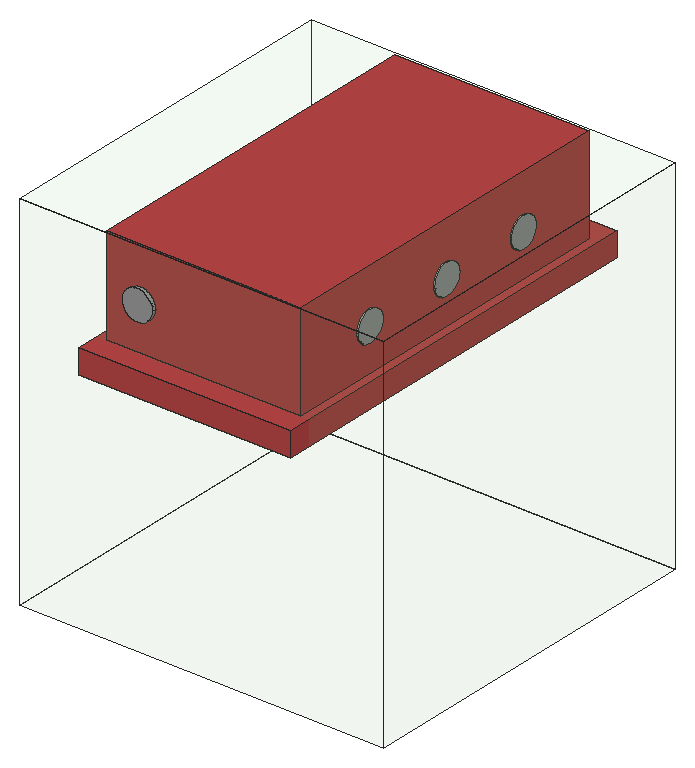
Revit family "ZETA_Коробка_Клемная_ККМА-20_IP54", category Электрические приборы, Revit 2021
Family settings
  Сохранять ориентацию аннотаций = Нет
  Размер круглого соединителя = Использовать диаметр
  Тип детали = Нормальный
  На основе рабочей плоскости = Да
  Всегда вертикально = Нет
  При загрузке вырезать с полостями = Нет
  Общий = Нет
  Точка принадлежности помещению = Да
Parameters (values of type "ККМА-20_IP54")
  УГО_Ширина = 10 mm
  УГО_Смещение_Х [instance] = 0 mm
  УГО_Смещение_Y [instance] = 0 mm
  УГО_Высота = 5 mm
  Температура эксплуатации = "от -40°С до +60°С"
  Сечение жил до = "4мм2"
  Сертификат = "RU C-RU.АД84.В.00192/20"
  Потолочное размещение [instance] = yes
  Default Elevation = 1219.2 mm
  Описание = "Коробки клеммные ККМА с наборными зажимами предназначены для\r\nсоединения и разветвления вторичных и силовых электрических цепей,\r\nвыполняемых контрольными кабелями с числом жил до 52 и силовыми кабелями с\r\nалюминиевыми или медными жилами сечением 1,5—4 мм2, проложенные в\r\nметаллических жестких трубах в трубных системах прокладки кабелей."
  Номинальный ток = "до 25A"
  Напряжение постоянного тока = "440 В"
  Напряжение переменного тока = "660 В"
  Крышка_Ширина = 160 mm
  Крышка_Длина = 190 mm
  Климатическое исполнение = "У2"
  Изготовитель = "АО «ЗЭТА»"  # constant formula
  Изготавливается по = "ТУ 27.33.13.120-047-99856433-2020"
  URL = "https://nzeta.ru/"
  D3 = 20 mm
  D2 = 32 mm
  D1 = 25 mm
  В_УГО_Смещение_У [instance] = УГО_Смещение_Y + 2000 mm  # 2000 mm
  В_УГО_Смещение_X [instance] = УГО_Смещение_Х + 2000 mm  # 2000 mm
  ADSK_Ток = 0 A
  ADSK_Степень защиты_IP = "IP54"
  ADSK_Размер_Ширина = 175 mm
  ADSK_Размер_УголПоворота [instance] = if(Потолочное размещение, -90.00°, 180.00°)  # -90.00°
  ADSK_Размер_Длина = 336 mm
  ADSK_Размер_Высота = 100 mm
  ADSK_Примечание [instance] = ""
  ADSK_Полная мощность = 0 VA
  ADSK_Позиция [instance] = ""
  ADSK_Обозначение = "KK"
  ADSK_Номинальная мощность = 0 W
  ADSK_Номер стояка = ""
  ADSK_Номер линии = 0
  ADSK_Напряжение = 230 V
  ADSK_Наименование краткое = "ККМА-20"
  ADSK_Наименование = "Коробка клеммная ККМА-20 У2 IP54 ГОФРОМАТИК"
  ADSK_Материал наименование = "Сталь оцинкованная"
  ADSK_Масса_Текст = "2,75"
  ADSK_Масса = 2.75
  ADSK_Марка = "КК ККМА-20 У2 IP54"
  ADSK_Коэффициент мощности = 1
  ADSK_Количество фаз числовое = 1
  ADSK_Количество фаз = 1
  ADSK_Количество = 1
  ADSK_Код изделия = "zeta30373"
  ADSK_Классификация нагрузок = Прочее
  ADSK_Завод-изготовитель = "АО «ЗЭТА»"  # constant formula
  ADSK_Единица измерения = "шт"  # constant formula
  ADSK_Версия семейства = "v.1"  # constant formula
  ADSK_Версия Revit = "2021"
  ADSK_URL страницы изделия = "https://nzeta.ru/catalog/?q=zeta30373"
  ADSK_URL документации изделия = "https://nzeta.ru/upload/uf/079/ikchmqfq9gparj6qku1dhwpc7mintuhj/passport.pdf"
Reference planes
  plane 1 "По центру (Вперед/Назад)": y = 0
  plane 2: z = 0
  plane 3 "По центру (Влево/Вправо)": x = 0
  plane 4: x = -2000
  plane 5: y = -2000
  plane 6: x = 0
  plane 7: y = 0
Lines and regions (mm)
  reference lines
    curve 1: line (0, 0, 0) -> (0, -180, 0)
    curve 2: line (0, 0, 0) -> (0, 0, -140)
Dimensions and locks
  "В_УГО_Смещение_X": plane 4 to plane 6
  "В_УГО_Смещение_У": plane 7 to plane 5
  angle curve 2 to curve 1 = 90.00°
  "ADSK_Размер_УголПоворота": angle plane 1 "По центру (Вперед/Назад)" to curve 1
  aligned and locked: level to plane 2
  aligned and locked: plane 6 to nested 1
  aligned and locked: nested 1 to plane 7
  aligned and locked: plane 2 to curve 2
  aligned and locked: plane 1 "По центру (Вперед/Назад)" to curve 1
  aligned and locked: nested 2 to curve 2
Nested families
  nested 1: "УГО_Клеменная_Коробка_(GenAnn)" at (0, 0, 0), УГО_Высота <- "УГО_Высота", УГО_Длина <- "УГО_Ширина", ADSK_Обозначение <- "ADSK_Обозначение", ADSK_Степень защиты_IP <- "ADSK_Степень защиты_IP", type "УГО_Клеменная_Коробка_(GenAnn)", detail levels coarse+medium
    with УГО_Длина 10 mm, УГО_Высота 5 mm, ADSK_Степень защиты_IP "IP54", ADSK_Обозначение "KK"
  nested 2: "ZETA_Коробка_Клемная_ККМА-20_Геометрия" at (0, 0, 0) x (0, -1, 0) z (0, 0, -1), type "ККМА-20", detail levels medium+fine
  nested 3: "Zeta_Зона обслуживания" at (0, 0, 0) x (-1, 0, 0) z (0, -1, 0), type "Зона обслуживания_Куб", detail levels medium+fine
    with Зона обслуживания_Ширина 300 mm, Зона обслуживания_Длина 300 mm, Зона обслуживания_Высота 300 mm
Connectors
  cabletrayconduit at (-81.999, 78.893, -43.588), diameter 32, driven by "D2"
    settings: on nested 2, index 2, connector width 300 mm, connector height 300 mm, connector angle 0.00°, system type 32, placement type 0, profile type 0, connector reference index -1, is primary connector yes, connector utility param no, connector description ""
  cabletrayconduit at (-81.999, -78.893, -43.588), diameter 32, driven by "D2"
    settings: on nested 2, index 4, connector width 300 mm, connector height 300 mm, connector angle 0.00°, system type 32, placement type 0, profile type 0, connector reference index -1, is primary connector no, connector utility param no, connector description ""
  electrical at (0, 0, 0), driven by "ADSK_Количество фаз", driven by "ADSK_Классификация нагрузок", driven by "ADSK_Напряжение", driven by "ADSK_Полная мощность", driven by "ADSK_Коэффициент мощности"
    settings: on nested 2, index 5, voltage 230 V, apparent load 0 VA, apparent load phase1 0 VA, apparent load phase2 0 VA, apparent load phase3 0 VA, power factor 1, load classification "Прочее", number of poles 1, system type 30, power factor state 1, is connector primary yes, connector utility no, sub classification motor no, connector description ""
  cabletrayconduit at (81.928, 79.057, -43.588), diameter 25, driven by "D1"
    settings: on nested 2, index 7, connector width 300 mm, connector height 300 mm, connector angle 0.00°, system type 32, placement type 0, profile type 0, connector reference index -1, is primary connector no, connector utility param no, connector description ""
  cabletrayconduit at (81.928, -79.057, -43.588), diameter 25, driven by "D1"
    settings: on nested 2, index 8, connector width 300 mm, connector height 300 mm, connector angle 0.00°, system type 32, placement type 0, profile type 0, connector reference index -1, is primary connector no, connector utility param no, connector description ""
  cabletrayconduit at (-52.269, -151.086, -43.588), diameter 25, driven by "D1"
    settings: on nested 2, index 11, connector width 300 mm, connector height 300 mm, connector angle 0.00°, system type 32, placement type 0, profile type 0, connector reference index -1, is primary connector no, connector utility param no, connector description ""
  cabletrayconduit at (52.269, 149.788, -43.588), diameter 25, driven by "D1"
    settings: on nested 2, index 12, connector width 300 mm, connector height 300 mm, connector angle 0.00°, system type 32, placement type 0, profile type 0, connector reference index -1, is primary connector no, connector utility param no, connector description ""
  cabletrayconduit at (81.928, 0, -43.588), diameter 25, driven by "D1"
    settings: on nested 2, index 13, connector width 300 mm, connector height 300 mm, connector angle 0.00°, system type 32, placement type 0, profile type 0, connector reference index -1, is primary connector no, connector utility param no, connector description ""
Definition of nested family "ZETA_Коробка_Клемная_ККМА-20_Геометрия"
  Parameters (values of type "ККМА-20")
    Привязки_Штуцер = 157.786 mm
    Default Elevation = 1219.2 mm
    Основание_Ширина = ADSK_Размер_Ширина * 0.9142  # 159.985 mm
    Основание_Длина = ADSK_Размер_Длина * 0.8835  # 296.856 mm
    Manufacturer = "АО \"ЗЭТАРУС\""
    D3 = 20 mm
    D2 = 32 mm
    D1 = 25 mm
    ADSK_Размер_Ширина = 175 mm
    ADSK_Размер_Длина = 336 mm
    ADSK_Размер_Высота = 100 mm
  Reference planes
    plane 1 "По центру (Вперед/Назад)": y = 0
    plane 2: z = 0
    plane 3 "По центру (Влево/Вправо)": x = 0
    plane 4: x = -148.428
    plane 5: x = 148.428
    plane 6: y = -79.992
    plane 7: y = 79.993
    plane 8: x = -168
    plane 9: y = -87.5
    plane 10: x = 168
    plane 11: y = 87.5
    plane 12: z = 100
    plane 13: z = 79.822
    plane 14: y = -52.269
    plane 15: y = 52.269
    plane 16: z = 43.588
    plane 17: y = -81.999
    plane 18: y = 81.928
    plane 19: x = -78.893
    plane 20: x = 78.893
    plane 21: x = -79.057
    plane 22: x = 79.057
  Forms (mm)
    Extrusion 1, solid
      sketch origin (0, 0, 0) x (1, 0, 0) y (0, 1, 0)
        loop
          line (-148.428, 79.993) -> (-148.428, -79.992) -> (148.428, -79.992) -> (148.428, 79.993) -> (-148.428, 79.993)
      from 0 to 79.822
    Extrusion 2, solid
      sketch origin (0, 0, 0) x (1, 0, 0) y (0, 1, 0)
        loop
          line (-168, 87.5) -> (-168, -87.5) -> (168, -87.5) -> (168, 87.5) -> (-168, 87.5)
      from 100 to 79.822
    Extrusion 3, solid
      sketch origin (0, 0, 0) x (1, 0, 0) y (0, 0, 1)
        loop
          circle (-78.893, 43.588) r 12.5
      from 79.992 to 81.999
    Extrusion 4, solid
      sketch origin (117, 0, 0) x (1, 0, 0) y (0, 0, 1)
        loop
          circle (-38.107, 43.588) r 16
      from 81.999 to 79.992
    Extrusion 5, solid
      sketch origin (26.528, 167.006, 14.478) x (1, 0, 0) y (0, 0, 1)
        loop
          circle (-105.585, 29.11) r 12.5
      from 85.079 to 87.014
    Extrusion 6, solid
      sketch origin (204.642, 167.006, 14.478) x (1, 0, 0) y (0, 0, 1)
        loop
          circle (-125.585, 29.11) r 12.5
      from 85.079 to 87.014
    Extrusion 7, solid
      sketch origin (-148.428, -79.992, 0) x (0, 1, 0) y (0, 0, -1)
        loop
          circle (132.261, -43.588) r 12.5
      from 0 to 1.36
    Extrusion 8, solid
      sketch origin (148.428, 79.993, 0) x (0, -1, 0) y (0, 0, -1)
        loop
          circle (132.261, -43.588) r 12.5
      from 0 to 2.658
    Extrusion 9, solid
      sketch origin (-148.428, 79.993, 0) x (1, 0, 0) y (0, 0, -1)
        loop
          circle (148.428, -43.588) r 12.5
      from 0 to 1.935
  Dimensions and locks
    equal spacing: plane 4, plane 3 "По центру (Влево/Вправо)", plane 5
    equal spacing: plane 7, plane 1 "По центру (Вперед/Назад)", plane 6
    "Основание_Ширина": plane 7 to plane 6
    "Основание_Длина": plane 4 to plane 5
    equal spacing: plane 11, plane 1 "По центру (Вперед/Назад)", plane 9
    equal spacing: plane 8, plane 3 "По центру (Влево/Вправо)", plane 10
    "ADSK_Размер_Ширина": plane 11 to plane 9
    "ADSK_Размер_Длина": plane 8 to plane 10
    "ADSK_Размер_Высота": plane 12 to level
    locked: plane 6 to plane 17 at 2.006
    locked: plane 18 to plane 7 at 1.935
    equal spacing: plane 19, plane 3 "По центру (Влево/Вправо)", plane 20
    "Привязки_Штуцер": plane 19 to plane 20
    equal spacing: plane 15, plane 1 "По центру (Вперед/Назад)", plane 14
    equal spacing: plane 21, plane 3 "По центру (Влево/Вправо)", plane 22
    "D1": diameter of Extrusion 3 sketch curve
    "D2": diameter of Extrusion 4 sketch curve
    "D1": diameter of Extrusion 5 sketch curve
    "D1": diameter of Extrusion 6 sketch curve
    "D1": diameter of Extrusion 7 sketch curve
    "D1": diameter of Extrusion 8 sketch curve
    "D1": diameter of Extrusion 9 sketch curve
    aligned and locked: level to plane 2
    aligned and locked: Extrusion 1 sketch curve to plane 7
    aligned and locked: plane 4 to Extrusion 1 sketch curve
    aligned and locked: plane 6 to Extrusion 1 sketch curve
    aligned and locked: Extrusion 1 sketch curve to plane 5
    aligned and locked: Extrusion 2 sketch curve to plane 11
    aligned and locked: plane 8 to Extrusion 2 sketch curve
    aligned and locked: plane 9 to Extrusion 2 sketch curve
    aligned and locked: Extrusion 2 sketch curve to plane 10
    aligned and locked: Extrusion 2 to plane 13
    aligned and locked: Extrusion 1 to Extrusion 2
    aligned and locked: plane 16 to Extrusion 3 sketch curve
    aligned and locked: plane 6 to Extrusion 3
    aligned and locked: Extrusion 3 to plane 17
    aligned and locked: Extrusion 4 to Extrusion 1
    aligned and locked: Extrusion 4 to plane 17
    aligned and locked: plane 19 to Extrusion 3 sketch curve
    aligned and locked: plane 20 to Extrusion 4 sketch curve
    aligned and locked: plane 16 to Extrusion 4 sketch curve
    aligned and locked: plane 14 to Extrusion 8 sketch curve
    aligned and locked: plane 15 to Extrusion 7 sketch curve
    aligned and locked: plane 18 to Extrusion 9
  Automatic sketch dimensions
    Extrusion 5 sketch curve to plane 16 = 0 mm
    Extrusion 5 sketch curve to plane 21 = 0 mm
    Extrusion 6 sketch curve to plane 16 = 0 mm
    Extrusion 6 sketch curve to plane 22 = 0 mm
    Extrusion 1 to Extrusion 7 sketch curve = 36.234 mm
    Extrusion 1 to Extrusion 8 sketch curve = 36.234 mm
    Extrusion 1 to Extrusion 9 sketch curve = 36.234 mm
    Extrusion 9 sketch curve to Extrusion 1 = 148.428 mm
Definition of nested family "Zeta_Зона обслуживания"
  Parameters (values of type "Зона обслуживания_Куб")
    Default Elevation = 1219.2 mm
    Зона обслуживания_Ширина [instance] = 300 mm
    Зона обслуживания_Длина [instance] = 300 mm
    Зона обслуживания_Высота [instance] = 300 mm
  Reference planes
    plane 1 "По центру (Вперед/Назад)": y = 0
    plane 2: z = 0
    plane 3 "По центру (Влево/Вправо)": x = 0
    plane 4: x = -150
    plane 5: x = 150
    plane 6: y = 300
    plane 7: z = 150
    plane 8: z = -150
  Forms (mm)
    Extrusion 1, solid
      sketch origin (0, 0, 0) x (1, 0, 0) y (0, 1, 0)
        loop
          line (-150, 300) -> (-150, 0) -> (150, 0) -> (150, 300) -> (-150, 300)
      from -150 to 150
  Dimensions and locks
    equal spacing: plane 4, plane 3 "По центру (Влево/Вправо)", plane 5
    "Зона обслуживания_Ширина": plane 6 to plane 1 "По центру (Вперед/Назад)"
    "Зона обслуживания_Длина": plane 4 to plane 5
    equal spacing: plane 7, level, plane 8
    "Зона обслуживания_Высота": plane 7 to plane 8
    aligned and locked: level to plane 2
    aligned and locked: Extrusion 1 sketch curve to plane 6
    aligned and locked: plane 4 to Extrusion 1 sketch curve
    aligned and locked: Extrusion 1 sketch curve to plane 5
    aligned and locked: Extrusion 1 to plane 8
    aligned and locked: plane 7 to Extrusion 1
    aligned and locked: plane 1 "По центру (Вперед/Назад)" to Extrusion 1
  Automatic sketch dimensions
    plane 1 "По центру (Вперед/Назад)" to Extrusion 1 sketch curve = 0 mm
Definition of nested family "УГО_Клеменная_Коробка_(GenAnn)"
  Parameters (values of type "УГО_Клеменная_Коробка_(GenAnn)")
    УГО_Длина [instance] = 10 mm
    УГО_Высота [instance] = 5 mm
    ADSK_Степень защиты_IP [instance] = ""
    ADSK_Обозначение [instance] = ""
  Reference planes
    plane 1: y = 0
    plane 2: x = 0
  Lines and regions (mm)
    Filled region 1, type "Filled region 1"
      outline origin (0, 0, 0) x (1, 0, 0) y (0, 1, 0)
        loop
          line (-5, 2.5) -> (-5, -2.5) -> (5, -2.5) -> (5, 2.5) -> (-5, 2.5)
    reference lines
      curve 1: line (-5, 2.5, 0) -> (-5, -2.5, 0)
      curve 2: line (-5, -2.5, 0) -> (5, -2.5, 0)
      curve 3: line (5, 2.5, 0) -> (5, -2.5, 0)
      curve 4: line (-5, 2.5, 0) -> (5, 2.5, 0)
  Text (mm)
    label "KK IP 54" at (0.033, -0.03, 0), shows "ADSK_Обозначение", "ADSK_Степень защиты_IP"
  Dimensions and locks
    equal spacing: curve 1, plane 2, curve 3
    equal spacing: curve 2, plane 1, curve 4
    "УГО_Длина": curve 1 to curve 3
    "УГО_Высота": curve 2 to curve 4
    aligned and locked: Filled region 1 sketch curve to curve 4
    aligned and locked: Filled region 1 sketch curve to curve 1
    aligned and locked: Filled region 1 sketch curve to curve 2
    aligned and locked: Filled region 1 sketch curve to curve 3
